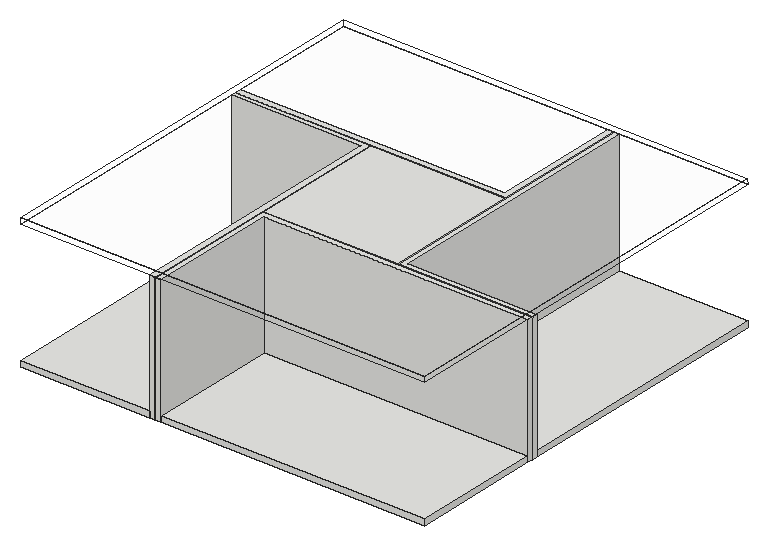
Revit family "Table-Coffee-Teknion-STLM_Masalla-R2013", category Furniture, Revit 2013
Parameters (values of type "4 Box Square, Twirl")
  Width = 33.46457"
  Warranty = "http://www.teknionstudio.com/pdfs/Teknion%20Studio%20Warranty.pdf"
  Unit Weight = 0.00 lbf
  URL = "www.teknionstudio.com"
  Table Top Finish [instance] = Glass - Teknion - A5 - Standard - Clear
  Surface D Finish [instance] = Paint - Teknion - True White
  Surface C Finish [instance] = Paint - Teknion - True White
  Surface B Finish [instance] = Paint - Teknion - True White
  Surface A Finish [instance] = Paint - Teknion - True White
  Series = "Studio"
  Product Line = "Masalla"
  Product Documentation Link = "http://www.teknionstudio.com/pricing/STLM_ppg.pdf"
  Part Number = "STLM"
  Model = "STLM"
  Manufacturer Phone = "919-464-2920"
  Manufacturer Fax = "919-464-2927"
  Manufacturer Email = "customersupport@teknionstudio.com"
  Manufacturer Address = "3941 US 70 Business HWY West, Clayton, NC 27520"
  Manufacturer = "Teknion Studio"
  Low Emitting Material = yes
  Low Emitting Finish = yes
  Height = 12.59843"
  Description = "Masalla Table, 4 Box Square - Twirl"
  Depth = 33.46457"
  Assembly Code = "E2020200"
Reference planes (in)
  plane 1 "Center F/B": y = 0
  plane 2: z = 0
  plane 3 "Center L/R": x = 0
  plane 4 "Left": x = -16.73228
  plane 5 "Right": x = 16.73228
  plane 6 "Back": y = 16.73228
  plane 7 "Front": y = -16.73228
  plane 8 "Top": z = 12.59843
  plane 9: z = 1.5748
  plane 10: z = 12.12598
Forms (in)
  Sweep 1, solid, material "Paint - Teknion - Smoke"
    path origin (0, 0, 0) x (1, 0, 0) y (0, 0, 1)
      loop
        line (0, 0) -> (0, 1.5748)
    profile origin (0, 0, 0.7874) x (-1, 0, 0) y (0, -1, 0)
      loop
        line (14.37028, -14.37008) -> (14.37028, 14.37008) -> (-14.37028, 14.37008) -> (-14.37028, -14.37008) -> (14.37028, -14.37008)
      loop
        line (-13.89784, -13.89764) -> (13.89784, -13.89764) -> (13.89784, 13.89764) -> (-13.89784, 13.89764) -> (-13.89784, -13.89764)
  Sweep 2, solid, material "Paint - Teknion - Smoke"
    path origin (0, 0, 0) x (1, 0, 0) y (0, 0, 1)
      loop
        line (0, 1.5748) -> (0, 1.10236)
    profile origin (0, 0, 1.33858) x (0, -1, 0) y (1, 0, 0)
      loop
        line (-13.89764, -13.89728) -> (13.89764, -13.89728) -> (13.89764, 13.89728) -> (-13.89764, 13.89728) -> (-13.89764, -13.89728)
  Sweep 3, solid, material "Glass - Teknion - A5 - Standard - Clear" <- "Table Top Finish"
    path origin (0, 0, 0) x (1, 0, 0) y (0, 0, 1)
      loop
        line (0, 12.59843) -> (0, 12.12598)
    profile origin (0, 0, 12.3622) x (0, -1, 0) y (1, 0, 0)
      loop
        line (-16.73228, -16.73228) -> (16.73228, -16.73228) -> (16.73228, 16.73228) -> (-16.73228, 16.73228) -> (-16.73228, -16.73228)
  Sweep 4, solid, material "Paint - Teknion - True White" <- "Surface A Finish"
    path origin (0, 0, 0) x (1, 0, 0) y (0, 0, 1)
      loop
        line (0, 12.12598) -> (0, 1.5748)
    profile origin (0, 0, 6.85039) x (0, -1, 0) y (1, 0, 0)
      loop
        line (-6.04987, -16.73228) -> (-5.57743, -16.73228) -> (-5.57743, 5.57743) -> (-16.73228, 5.57743) -> (-16.73228, 5.10499) -> (-6.04987, 5.10499) -> (-6.04987, -16.73228)
  Sweep 5, solid, material "Paint - Teknion - True White" <- "Surface A Finish"
    path origin (0, 0, 0) x (-1, 0, 0) y (0, 0, 1)
      loop
        line (0, 1.5748) -> (0, 2.04724)
    profile origin (0, 0, 1.81102) x (-1, 0, 0) y (0, -1, 0)
      loop
        line (-5.10499, -16.73228) -> (16.73228, -16.73228) -> (16.73228, -6.04987) -> (-5.10499, -6.04987) -> (-5.10499, -16.73228)
  Sweep 6, solid, material "Paint - Teknion - True White" <- "Surface B Finish"
    path origin (0, 0, 0) x (1, 0, 0) y (0, 0, -1)
      loop
        line (0, -1.5748) -> (0, -2.04724)
    profile origin (0, 0, 1.81102) x (1, 0, 0) y (0, 1, 0)
      loop
        line (-16.73228, -16.73228) -> (-6.04987, -16.73228) -> (-6.04987, 5.10499) -> (-16.73228, 5.10499) -> (-16.73228, -16.73228)
  Sweep 7, solid, material "Paint - Teknion - True White" <- "Surface B Finish"
    path origin (0, 0, 0) x (1, 0, 0) y (0, 0, 1)
      loop
        line (0, 12.12598) -> (0, 1.5748)
    profile origin (0, 0, 6.85039) x (0, -1, 0) y (1, 0, 0)
      loop
        line (16.73228, -5.57743) -> (-5.57743, -5.57743) -> (-5.57743, -16.73228) -> (-5.10499, -16.73228) -> (-5.10499, -6.04987) -> (16.73228, -6.04987) -> (16.73228, -5.57743)
  Sweep 8, solid, material "Paint - Teknion - True White" <- "Surface D Finish"
    path origin (0, 0, 0) x (1, 0, 0) y (0, 0, 1)
      loop
        line (0, 12.12598) -> (0, 1.5748)
    profile origin (0, 0, 6.85039) x (0, -1, 0) y (1, 0, 0)
      loop
        line (5.10499, 6.04987) -> (-16.73228, 6.04987) -> (-16.73228, 5.57743) -> (5.57743, 5.57743) -> (5.57743, 16.73228) -> (5.10499, 16.73228) -> (5.10499, 6.04987)
  Sweep 9, solid, material "Paint - Teknion - True White" <- "Surface D Finish"
    path origin (0, 0, 0) x (1, 0, 0) y (0, 0, 1)
      loop
        line (0, 2.0468) -> (0, 1.5748)
    profile origin (0, 0, 1.8108) x (0, -1, 0) y (1, 0, 0)
      loop
        line (-16.73228, 6.04987) -> (5.10499, 6.04987) -> (5.10499, 16.73228) -> (-16.73228, 16.73228) -> (-16.73228, 6.04987)
  Sweep 10, solid, material "Paint - Teknion - True White" <- "Surface C Finish"
    path origin (0, 0, 0) x (1, 0, 0) y (0, 0, 1)
      loop
        line (0, 12.12598) -> (0, 1.5748)
    profile origin (0, 0, 6.85039) x (0, -1, 0) y (1, 0, 0)
      loop
        line (5.57743, -5.57743) -> (16.73228, -5.57743) -> (16.73228, -5.10499) -> (6.04987, -5.10499) -> (6.04987, 16.73228) -> (5.57743, 16.73228) -> (5.57743, -5.57743)
  Sweep 11, solid, material "Paint - Teknion - True White" <- "Surface C Finish"
    path origin (0, 0, 0) x (1, 0, 0) y (0, 0, 1)
      loop
        line (0, 2.04724) -> (0, 1.5748)
    profile origin (0, 0, 1.81102) x (0, -1, 0) y (1, 0, 0)
      loop
        line (16.73228, 16.73228) -> (6.04987, 16.73228) -> (6.04987, -5.10499) -> (16.73228, -5.10499) -> (16.73228, 16.73228)
  Sweep 12, solid, material "Paint - Teknion - True White" <- "Surface A Finish"
    path origin (0, 0, 0) x (1, 0, 0) y (0, 0, 1)
      loop
        line (0, 12.12598) -> (0, 11.62598)
    profile origin (0, 0, 11.87598) x (0, -1, 0) y (1, 0, 0)
      loop
        line (-5.57743, 5.57743) -> (-5.57743, -5.57743) -> (5.57743, -5.57743) -> (5.57743, 5.57743) -> (-5.57743, 5.57743)
Lines and regions (in)
  Masking region 1
    outline origin (0, 0, 12.59843) x (-1, 0, 0) y (0, -1, 0)
      loop
        line (16.73228, -16.73228) -> (16.73228, 16.73228) -> (-16.73228, 16.73228) -> (-16.73228, -16.73228) -> (16.73228, -16.73228)
  symbolic lines, style "Hidden Lines", detail levels medium+fine
    curve 1: line (5.57743, 5.57743, 0) -> (-16.73228, 5.57743, 0)
    curve 2: line (5.57743, 16.73228, 0) -> (5.57743, -5.57743, 0)
    curve 3: line (16.73228, -5.57743, 0) -> (-5.57743, -5.57743, 0)
    curve 4: line (-5.57743, 5.57743, 0) -> (-5.57743, -16.73228, 0)
  symbolic lines, style "Hidden Lines", detail levels fine
    curve 5: line (-16.73228, 6.04987, 0) -> (5.10499, 6.04987, 0)
    curve 6: line (5.10499, 16.73228, 0) -> (5.10499, 5.57743, 0)
    curve 7: line (6.04987, 16.73228, 0) -> (6.04987, -5.10499, 0)
    curve 8: line (16.73228, -5.10499, 0) -> (5.57743, -5.10499, 0)
    curve 9: line (16.73228, -6.04987, 0) -> (-5.10499, -6.04987, 0)
    curve 10: line (-5.10499, -16.73228, 0) -> (-5.10499, -5.57743, 0)
    curve 11: line (-6.04987, -16.73228, 0) -> (-6.04987, 5.10499, 0)
    curve 12: line (-16.73228, 5.10499, 0) -> (-5.57743, 5.10499, 0)
Dimensions and locks (in)
  "Height": plane 8 "Top" to plane 2
  equal spacing: plane 4 "Left", plane 3 "Center L/R", plane 5 "Right"
  equal spacing: plane 6 "Back", plane 1 "Center F/B", plane 7 "Front"
  "Width": plane 4 "Left" to plane 5 "Right"
  "Depth": plane 6 "Back" to plane 7 "Front"
  locked: plane 8 "Top" to Sweep 3 sketch curve at 0.47244
  locked: plane 8 "Top" to plane 10 at 0.47244
  locked: plane 9 to plane 2 at 1.5748
  locked: plane 9 to Sweep 2 sketch curve at 0.47244
  locked: Sweep 5 sketch curve to plane 9 at 0.47244
  locked: Sweep 6 sketch curve to plane 9 at 0.47244
  locked: Sweep 1 sketch curve to Sweep 1 sketch curve at 0.47244  (x2)
  locked: plane 4 "Left" to Sweep 1 sketch curve at 2.362
  locked: Sweep 1 sketch curve to plane 5 "Right" at 2.362
  plane 6 "Back" to Sweep 1 sketch curve to Sweep 1 sketch curve = 2.3622" locked, 0.47244" locked
  plane 7 "Front" to Sweep 1 sketch curve to Sweep 1 sketch curve = 2.3622" locked, 0.47244" locked
  locked: plane 6 "Back" to Sweep 2 sketch curve at 2.83465
  locked: Sweep 2 sketch curve to plane 7 "Front" at 2.83465
  locked: Sweep 2 sketch curve to plane 5 "Right" at 2.835
  locked: plane 4 "Left" to Sweep 2 sketch curve at 2.835
  locked: Sweep 9 sketch curve to plane 9 at 0.472
  locked: Sweep 11 sketch curve to plane 9 at 0.47244
  locked: Sweep 4 sketch curve to Sweep 4 sketch curve at 0.47244  (x2)
  locked: plane 1 "Center F/B" to Sweep 4 sketch curve at 5.57743
  locked: plane 3 "Center L/R" to Sweep 4 sketch curve at 5.57743
  locked: plane 1 "Center F/B" to Sweep 5 sketch curve at 6.04987
  locked: plane 3 "Center L/R" to Sweep 5 sketch curve at 5.10499
  locked: Sweep 8 sketch curve to Sweep 8 sketch curve at 0.47244  (x2)
  locked: plane 3 "Center L/R" to Sweep 8 sketch curve at 5.57743
  locked: Sweep 8 sketch curve to plane 1 "Center F/B" at 5.57743
  locked: plane 3 "Center L/R" to Sweep 9 sketch curve at 6.04987
  locked: Sweep 9 sketch curve to plane 1 "Center F/B" at 5.10499
  locked: Sweep 10 sketch curve to Sweep 10 sketch curve at 0.47244  (x2)
  locked: Sweep 10 sketch curve to plane 1 "Center F/B" at 5.57743
  locked: Sweep 10 sketch curve to plane 3 "Center L/R" at 5.57743
  locked: Sweep 11 sketch curve to plane 3 "Center L/R" at 5.10499
  locked: Sweep 11 sketch curve to plane 1 "Center F/B" at 6.04987
  locked: Sweep 7 sketch curve to Sweep 7 sketch curve at 0.47244  (x2)
  locked: Sweep 7 sketch curve to plane 3 "Center L/R" at 5.57743
  locked: plane 1 "Center F/B" to Sweep 7 sketch curve at 5.57743
  locked: plane 1 "Center F/B" to Sweep 6 sketch curve at 5.10499
  locked: Sweep 6 sketch curve to plane 3 "Center L/R" at 6.04987
  locked: plane 10 to Sweep 12 sketch curve at 0.5
  Sweep 12 sketch curve to plane 3 "Center L/R" to Sweep 12 sketch curve = 5.57743" locked, 5.57743" locked
  Sweep 12 sketch curve to plane 1 "Center F/B" to Sweep 12 sketch curve = 5.57743" locked, 5.57743" locked
  locked: plane 1 "Center F/B" to curve 1 at 5.57743
  locked: plane 3 "Center L/R" to curve 2 at 5.57743
  locked: curve 3 to plane 1 "Center F/B" at 5.57743
  locked: curve 4 to plane 3 "Center L/R" at 5.57743
  curve 12 to curve 1 to curve 5 = 0.47244" locked, 0.47244" locked
  curve 6 to curve 2 to curve 7 = 0.47244" locked, 0.47244" locked
  curve 8 to curve 3 to curve 9 = 0.47244" locked, 0.47244" locked
  curve 11 to curve 4 to curve 10 = 0.47244" locked, 0.47244" locked
  aligned and locked: level to plane 2
  aligned and locked: plane 3 "Center L/R" to Sweep 1 sketch curve
  aligned and locked: plane 2 to Sweep 1 sketch curve
  aligned and locked: Sweep 2 sketch curve to plane 3 "Center L/R"
  aligned and locked: Sweep 3 sketch curve to plane 3 "Center L/R"
  aligned and locked: plane 8 "Top" to Sweep 3 sketch curve
  aligned and locked: Sweep 3 sketch curve to plane 6 "Back"
  aligned and locked: plane 9 to Sweep 1 sketch curve
  aligned and locked: plane 9 to Sweep 2 sketch curve
  aligned and locked: plane 10 to Sweep 4 sketch curve
  aligned and locked: Sweep 4 sketch curve to plane 3 "Center L/R"
  aligned and locked: plane 9 to Sweep 4 sketch curve
  aligned and locked: Sweep 4 sketch curve to plane 4 "Left"
  aligned and locked: plane 9 to Sweep 5 sketch curve
  aligned and locked: plane 7 "Front" to Sweep 6 sketch curve
  aligned and locked: plane 9 to Sweep 6 sketch curve
  aligned and locked: Masking region 1 sketch curve to plane 6 "Back"
  aligned and locked: Masking region 1 sketch curve to plane 5 "Right"
  aligned and locked: Masking region 1 sketch curve to plane 7 "Front"
  aligned and locked: plane 4 "Left" to Masking region 1 sketch curve
  aligned and locked: Sweep 7 sketch curve to plane 3 "Center L/R"
  aligned and locked: plane 10 to Sweep 7 sketch curve
  aligned and locked: plane 9 to Sweep 7 sketch curve
  aligned and locked: plane 4 "Left" to Sweep 7 sketch curve
  aligned and locked: Sweep 7 sketch curve to plane 7 "Front"
  aligned and locked: plane 4 "Left" to Sweep 3 sketch curve
  aligned and locked: Sweep 3 sketch curve to plane 5 "Right"
  aligned and locked: Sweep 3 sketch curve to plane 7 "Front"
  aligned and locked: Sweep 5 sketch curve to plane 4 "Left"
  aligned and locked: plane 10 to Sweep 8 sketch curve
  aligned and locked: plane 9 to Sweep 8 sketch curve
  aligned and locked: Sweep 8 sketch curve to plane 3 "Center L/R"
  aligned and locked: plane 6 "Back" to Sweep 8 sketch curve
  aligned and locked: plane 5 "Right" to Sweep 8 sketch curve
  aligned and locked: plane 9 to Sweep 9 sketch curve
  aligned and locked: Sweep 9 sketch curve to plane 3 "Center L/R"
  aligned and locked: Sweep 9 sketch curve to plane 5 "Right"
  aligned and locked: Sweep 6 sketch curve to plane 4 "Left"
  aligned and locked: Sweep 9 sketch curve to plane 6 "Back"
  aligned and locked: plane 6 "Back" to Sweep 5 sketch curve
  aligned and locked: plane 10 to Sweep 10 sketch curve
  aligned and locked: plane 9 to Sweep 10 sketch curve
  aligned and locked: Sweep 10 sketch curve to plane 3 "Center L/R"
  aligned and locked: Sweep 10 sketch curve to plane 7 "Front"
  aligned and locked: Sweep 10 sketch curve to plane 5 "Right"
  aligned and locked: plane 9 to Sweep 11 sketch curve
  aligned and locked: Sweep 11 sketch curve to plane 3 "Center L/R"
  aligned and locked: Sweep 11 sketch curve to plane 5 "Right"
  aligned and locked: Sweep 11 sketch curve to plane 7 "Front"
  aligned and locked: plane 10 to Sweep 12 sketch curve
  aligned and locked: Sweep 12 sketch curve to plane 3 "Center L/R"
  aligned and locked: plane 4 "Left" to curve 1
  aligned and locked: curve 2 to curve 1
  aligned and locked: plane 6 "Back" to curve 2
  aligned and locked: plane 5 "Right" to curve 3
  aligned and locked: curve 4 to curve 3
  aligned and locked: plane 7 "Front" to curve 4
  aligned and locked: curve 1 to curve 4
  aligned and locked: curve 6 to curve 5
  aligned and locked: curve 8 to curve 7
  aligned and locked: curve 10 to curve 9
  aligned and locked: curve 12 to curve 11
  aligned and locked: plane 4 "Left" to curve 12
  aligned and locked: plane 7 "Front" to curve 11
  aligned and locked: plane 6 "Back" to curve 6
  aligned and locked: plane 4 "Left" to curve 5
  aligned and locked: plane 6 "Back" to curve 7
  aligned and locked: plane 5 "Right" to curve 8
  aligned and locked: curve 3 to curve 10
  aligned and locked: plane 7 "Front" to curve 10
  aligned and locked: plane 5 "Right" to curve 9
Automatic sketch dimensions
  Sweep 5 sketch curve to plane 3 "Center L/R" = 0.000"
  Sweep 6 sketch curve to plane 3 "Center L/R" = 0.000"
  Sweep 4 sketch curve to plane 1 "Center F/B" = 16.73228"
